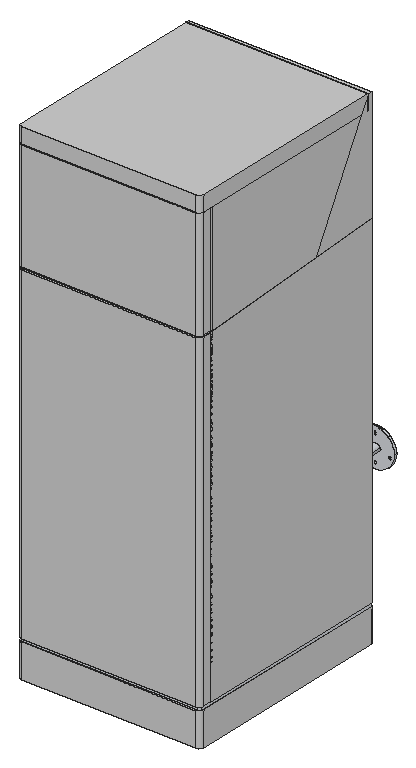
Revit family "Immergas-Ares pro 150", category Attrezzatura meccanica, Revit 2018
Family settings
  Quota connettore circolare = Usa diametro
  Tipo di parte = Normale
  Basato su piano di lavoro = No
  Sempre verticale = Sì
  Taglio con vuoti quando caricato = No
  Condiviso = No
  Punto di calcolo locali = No
Parameters (values of type "Immergas-Ares pro 150")
  yield hvac heating load nominal 30 (%) = 92.92
  yield hvac heating load nominal (%) = 97.4
  cerniere = Immergas - Plastica Nero
  Uniformat code = "D3020"
  Uniformat II Description = "Heat Generating Systems"
  Uniformat = "Heat Generating Systems"
  UDP_88_494_GAS_CONNECTION_DIAMETER = "1"
  UDP_334_495_PORTATA_TERMICA = "140"
  Thermal power 80/60°C = 136360 W
  Produttore = "Immergas"
  Product Code = "3.028309"
  Piping volume boiler = 0.153 m³
  Overall Width = 666 mm
  Overall Height = 1908 mm
  Overall Depth = 933 mm
  Operating Temperature = 90 °C
  Omniclass Description = "HVAC Specific Products and Equipment"
  Nominal Voltage = 230 V
  Nominal Current = 6 A
  Name BIM&CO = "Caldaia"
  Modello = "Immergas-Ares pro 150"
  Masterformat 2014 Description = "Heating, Ventilating, and Air Conditioning (HVAC)"
  MasterFormat = "23 00 00- Heating, Ventilating, and Air Conditioning (HVAC)"
  Mass = 407.00 kg
  Manufacturer Product Link = "https://www.immergas.com/en/product?title=ARES%20PRO%20150"
  Hydraulic Fittings = 1651 mm
  Hot water flow = 0.0 L/s
  Frequency of use = 50 Hz
  Electric Power = 190 W
  ETIM Note = "Residential heating"
  Dimensions of Piping Connectors = 25.4 mm
  Diameter of fume exhaust = 200 mm
  Case = Immergas - Alluminio
Reference planes
  plane 1 "Centro (Fronte/Retro)": y = 0
  plane 2: z = 0
  plane 3 "Centro (Sinistra/Destra)": x = 0
Forms (mm)
  Extrusion 1, solid, material "Immergas - Alluminio" <- "Case"
    sketch origin (-14.211, 126.664, 0) x (-1, 0, 0) y (0, -1, 0)
      loop
        arc (-332.211, 514.91) -> (-342.817, 510.516) -> (-347.211, 499.91) r 15
        line (-347.211, 499.91) -> (-347.211, -269.599)
        arc (-347.211, -269.599) -> (-346.188, -272.068) -> (-343.72, -273.09) r 3.491
        line (-343.72, -273.09) -> (-335.211, -273.09) -> (-335.211, 66.664) -> (306.789, 66.664) -> (306.789, -273.09) -> (315.298, -273.09)
        arc (315.298, -273.09) -> (317.767, -272.068) -> (318.789, -269.599) r 3.491
        line (318.789, -269.599) -> (318.789, 466.702) -> (317.013, 466.702) -> (317.013, 470.647) -> (318.789, 470.647) -> (318.789, 499.91)
        arc (318.789, 499.91) -> (314.396, 510.516) -> (303.789, 514.91) r 15
        line (303.789, 514.91) -> (-332.211, 514.91)
    from 0 to 122
  Extrusion 2, solid
    sketch origin (-14.211, 126.664, 0) x (-1, 0, 0) y (0, -1, 0)
      loop
        arc (313.789, 499.91) -> (310.86, 506.981) -> (303.789, 509.91) r 10
        line (303.789, 509.91) -> (-332.211, 509.91)
        arc (-332.211, 509.91) -> (-339.282, 506.981) -> (-342.211, 499.91) r 10
        line (-342.211, 499.91) -> (-342.211, -268.09) -> (-335.211, -268.09) -> (-335.211, 66.664) -> (306.789, 66.664) -> (306.789, -268.09) -> (313.789, -268.09) -> (313.789, 499.91)
    from 122 to 134.922
  Extrusion 3, solid, material "Immergas - Alluminio" <- "Case"
    sketch origin (-14.211, 126.664, 0) x (-1, 0, 0) y (0, -1, 0)
      loop
        arc (-332.211, 514.91) -> (-342.817, 510.516) -> (-347.211, 499.91) r 15
        line (-347.211, 499.91) -> (-347.211, 470.647) -> (-342.211, 470.647) -> (-342.211, 466.702) -> (-347.211, 466.702) -> (-347.211, 461.702) -> (318.789, 461.702) -> (318.789, 466.702) -> (317.013, 466.702) -> (317.013, 470.647) -> (318.789, 470.647) -> (318.789, 499.91)
        arc (318.789, 499.91) -> (314.396, 510.516) -> (303.789, 514.91) r 15
        line (303.789, 514.91) -> (-332.211, 514.91)
    from 134.922 to 1342.674
  Extrusion 4, solid
    sketch origin (-14.211, 126.664, 0) x (-1, 0, 0) y (0, -1, 0)
      loop
        arc (313.789, 499.91) -> (310.86, 506.981) -> (303.789, 509.91) r 10
        line (303.789, 509.91) -> (-332.211, 509.91)
        arc (-332.211, 509.91) -> (-339.282, 506.981) -> (-342.211, 499.91) r 10
        line (-342.211, 499.91) -> (-342.211, 461.702) -> (313.789, 461.702) -> (313.789, 499.91)
    from 1342.674 to 1350.063
  Extrusion 5, solid, material "Immergas - Alluminio" <- "Case"
    sketch origin (-14.211, 126.664, 0) x (-1, 0, 0) y (0, -1, 0)
      loop
        arc (-332.211, 514.91) -> (-342.817, 510.516) -> (-347.211, 499.91) r 15
        line (-347.211, 499.91) -> (-347.211, 470.647) -> (-342.211, 470.647) -> (-342.211, 466.702) -> (-347.211, 466.702) -> (-347.211, 461.702) -> (318.789, 461.702) -> (318.789, 466.702) -> (317.013, 466.702) -> (317.013, 470.647) -> (318.789, 470.647) -> (318.789, 499.91)
        arc (318.789, 499.91) -> (314.396, 510.516) -> (303.789, 514.91) r 15
        line (303.789, 514.91) -> (-332.211, 514.91)
    from 1350.063 to 1752.311
  Extrusion 6, solid, material "Immergas - Alluminio" <- "Case"
    sketch origin (-14.211, 126.664, 0) x (-1, 0, 0) y (0, -1, 0)
      loop
        arc (-332.211, 514.91) -> (-342.817, 510.516) -> (-347.211, 499.91) r 15
        line (-347.211, 499.91) -> (-347.211, -251.106)
        arc (-347.211, -251.106) -> (-346.188, -253.575) -> (-343.72, -254.597) r 3.491
        line (-343.72, -254.597) -> (315.298, -254.597)
        arc (315.298, -254.597) -> (317.767, -253.575) -> (318.789, -251.106) r 3.491
        line (318.789, -251.106) -> (318.789, 466.702) -> (318.789, 499.91)
        arc (318.789, 499.91) -> (314.396, 510.516) -> (303.789, 514.91) r 15
        line (303.789, 514.91) -> (-332.211, 514.91)
    from 1754.009 to 1809.009
  Extrusion 7, solid
    sketch origin (-14.211, 126.664, 0) x (-1, 0, 0) y (0, -1, 0)
      loop
        arc (313.789, 499.91) -> (310.86, 506.981) -> (303.789, 509.91) r 10
        line (303.789, 509.91) -> (-332.211, 509.91)
        arc (-332.211, 509.91) -> (-339.282, 506.981) -> (-342.211, 499.91) r 10
        line (-342.211, 499.91) -> (-342.211, -254.597) -> (313.789, -254.597) -> (313.789, 499.91)
    from 1752.311 to 1754.009
  Extrusion 8, solid, material "Immergas - Alluminio" <- "Case"
    sketch origin (0, 0, 0) x (0, 1, 0) y (0, 0, 1)
      loop
        line (-340.038, 1342.674) -> (-340.038, 134.922) -> (394.754, 134.922) -> (394.754, 1394.056) -> (-340.038, 1342.674)
    from -333 to 333
  Extrusion 9, solid
    sketch origin (0, 0, 0) x (0, 1, 0) y (0, 0, 1)
      loop
        line (394.545, 1394.041) -> (394.545, 1397.048) -> (-335.038, 1346.031) -> (-335.038, 1343.024) -> (394.545, 1394.041)
    from -328 to 328
  Extrusion 10, solid, material "Immergas - Alluminio" <- "Case"
    sketch origin (0, 0, 0) x (0, 1, 0) y (0, 0, 1)
      loop
        line (381.262, 1809.009) -> (143.164, 1379.47) -> (394.545, 1397.048) -> (394.545, 1809.009) -> (381.262, 1809.009)
    from -334.497 to 334.414
  Extrusion 11, solid, material "Immergas - Alluminio" <- "Case"
    sketch origin (0, 0, 0) x (0, 1, 0) y (0, 0, 1)
      loop
        line (-335.038, 1754.009) -> (-335.038, 1346.031) -> (143.164, 1379.47) -> (350.775, 1754.009) -> (-335.038, 1754.009)
    from -333 to 333
  Extrusion 12, void
    sketch origin (0, 394.754, 134.922) x (0, 0, -1) y (1, 0, 0)
      loop
        line (-307.078, 321) -> (-307.078, -317.276) -> (12.922, -317.276) -> (12.922, 321) -> (-307.078, 321)
    from 0 to 334.754
  Sweep 13, solid
    path origin (-5.008, 0, 3.012) x (1, 0, 0) y (0, 0, 1)
      loop
        circle (-265.104, 1733.679) r 50
    profile origin (-270.112, 0, 1686.691) x (0, 0, 1) y (0, -1, 0)
      loop
        circle (0, -397.328) r 1.307
      loop
        circle (5.49, -397.386) r 1.186
      loop
        circle (11.104, -397.386) r 1.186
      loop
        circle (16.717, -397.386) r 1.186
      loop
        circle (22.33, -397.386) r 1.186
      loop
        circle (27.943, -397.386) r 1.186
      loop
        circle (33.557, -397.386) r 1.186
  Extrusion 14, solid
    sketch origin (0, 0, 0) x (1, 0, 0) y (0, 0, 1)
      loop
        line (-224.957, 1771.797) -> (-271.402, 1742.954) -> (-317.848, 1771.797) -> (-280.319, 1735.371) -> (-313.789, 1702.88) -> (-271.402, 1728.443) -> (-229.016, 1702.88) -> (-262.486, 1735.371) -> (-224.957, 1771.797)
    from -400.397 to -397.917
  Extrusion 15, solid
    sketch origin (0, 0, 0) x (1, 0, 0) y (0, 0, 1)
      loop
        circle (-228.5, 1316.5) r 70
      loop
        circle (-228.5, 1316.5) r 15
      loop
        circle (-226.625, 1364.366) r 5
      loop
        circle (-173.943, 1318.555) r 5
      loop
        circle (-278.735, 1316.837) r 5
      loop
        circle (-227.771, 1268.736) r 5
    from -550.484 to -539.962
  Extrusion 16, solid
    sketch origin (457, 0, -772.674) x (1, 0, 0) y (0, 0, 1)
      loop
        circle (-228.5, 1316.5) r 70
      loop
        circle (-228.5, 1316.5) r 15
      loop
        circle (-226.625, 1364.366) r 5
      loop
        circle (-173.943, 1301.286) r 5
      loop
        circle (-278.735, 1316.837) r 5
      loop
        circle (-227.771, 1268.736) r 5
    from -550.484 to -542.831
  Extrusion 17, solid
    sketch origin (0, 0, 0) x (1, 0, 0) y (0, 0, 1)
      loop
        line (241, 442) -> (-241, 442)
        arc (-241, 442) -> (-170.413, 271.587) -> (0, 201) r 241
        arc (0, 201) -> (170.413, 271.587) -> (241, 442) r 241
    from -295.295 to -60
  Extrusion 18, solid
    sketch origin (0, 0, 0) x (1, 0, 0) y (0, 0, 1)
      loop
        circle (228.5, 543.826) r 15
      loop
        circle (-228.5, 1316.5) r 15
    from -550.484 to -394.545
  Extrusion 19, solid
    sketch origin (0, 18.026, -17.655) x (1, 0, 0) y (0, -0.052336, 0.99863)
      loop
        circle (1.317, 333.864) r 100
      loop
        circle (1.317, 333.864) r 97
    from -542.831 to -263.972
  Extrusion 20, solid, material "Immergas - Plastica Nero" <- "cerniere"
    sketch origin (0, 0, 0) x (0, 1, 0) y (0, 0, 1)
      loop
        line (-351.031, 1313.293) -> (-351.031, 1253.293) -> (-326.031, 1253.293) -> (-326.031, 1313.293) -> (-351.031, 1313.293)
      loop
        line (-350.038, 212.633) -> (-350.038, 152.633) -> (-326.031, 152.633) -> (-326.031, 212.633) -> (-350.038, 212.633)
    from -342.387 to -333
Cuts and joins
  Extrusion 12 cuts Extrusion 8
Dimensions and locks
  locked: Extrusion 2 to Extrusion 1 at 12.922
  locked: Extrusion 4 to Extrusion 3 at 7.389
  locked: Extrusion 7 to Extrusion 5 at 1.697
  Extrusion 6 to Extrusion 1 = 1809.009 mm
  level to nested 1 = 1467 mm
  plane 3 "Centro (Sinistra/Destra)" to nested 1 = 120 mm
  Extrusion 1 to nested 2 = 1579 mm
  nested 2 to plane 3 "Centro (Sinistra/Destra)" = 81 mm
  Extrusion 10 to Extrusion 7 = 777.791 mm
  aligned and locked: level to plane 2
  aligned and locked: Extrusion 3 to Extrusion 2
  aligned and locked: Extrusion 4 to Extrusion 3
  aligned and locked: Extrusion 5 to Extrusion 4
  aligned and locked: Extrusion 7 to Extrusion 5
  aligned and locked: Extrusion 6 to Extrusion 7
  aligned and locked: Extrusion 8 to Extrusion 3  (x2)
  aligned and locked: Extrusion 18 to Extrusion 15
Nested families
  nested 1: "M_Connettore tubazione - Altro - Apparecchi idraulici" at (120, 394.545, 1467) x (0, 0, 1) z (0, 1, 0), type "Standard"
    with Spessore 25.4 mm, Raggio nominale 15 mm, Flusso 0.63 L/s, Diametro nominale 30 mm
  nested 2: "M_Connettore tubazione - Altro - Apparecchi idraulici" at (-81, 394.545, 1579) x (0, 0, 1) z (0, 1, 0), type "Standard"
    with Spessore 25.4 mm, Raggio nominale 15 mm, Flusso 0.63 L/s, Diametro nominale 30 mm
Connectors
  piping at (-81, 419.945, 1579), diameter 12
    settings: on nested 2, index 1, connector inside diameter 609.6 mm, connector length 0 mm, flow factor 0, pipe flow 0.0 L/s, pressure drop 0.0 Pa, fitting loss kfactor 0, connector angle 0.00°, fixture units 0, engagement length 0 mm, angle of deflection 0.00°, flow configuration 0, flow direction 0, fitting loss method 0, system type 22, joint type 0, gender type 0, connector reference index -1, connector utility 0, adjustable connector no, is connector primary yes, connector description "entrata gas"
  piping at (120, 419.945, 1467), diameter 12
    settings: on nested 1, index 2, connector inside diameter 609.6 mm, connector length 0 mm, flow factor 0, pipe flow 0.0 L/s, pressure drop 0.0 Pa, fitting loss kfactor 0, connector angle 0.00°, fixture units 0, engagement length 0 mm, angle of deflection 0.00°, flow configuration 0, flow direction 0, fitting loss method 0, system type 22, joint type 0, gender type 0, connector reference index -1, connector utility 0, adjustable connector no, is connector primary no, connector description "attacco vaso di espansione"
  piping at (228.5, 542.831, 543.826), diameter 12
    settings: on Extrusion 16, index 3, connector inside diameter 609.6 mm, connector length 0 mm, flow factor 0, pipe flow 0.0 L/s, pressure drop 0.0 Pa, fitting loss kfactor 0, connector angle 0.00°, fixture units 0, engagement length 0 mm, angle of deflection 0.00°, flow configuration 0, flow direction 0, fitting loss method 0, system type 8, joint type 0, gender type 0, connector reference index -1, connector utility 0, adjustable connector no, is connector primary no, connector description ""
  piping at (-228.5, 539.962, 1316.5), diameter 12
    settings: on Extrusion 15, index 4, connector inside diameter 609.6 mm, connector length 0 mm, flow factor 0, pipe flow 0.0 L/s, pressure drop 0.0 Pa, fitting loss kfactor 0, connector angle 0.00°, fixture units 0, engagement length 0 mm, angle of deflection 0.00°, flow configuration 0, flow direction 0, fitting loss method 0, system type 7, joint type 0, gender type 0, connector reference index -1, connector utility 0, adjustable connector no, is connector primary no, connector description ""
  piping at (-271.402, 400.397, 1736.436), diameter 10
    settings: on Extrusion 14, index 5, connector inside diameter 609.6 mm, connector length 0 mm, flow factor 0, pipe flow 0.0 L/s, pressure drop 0.0 Pa, fitting loss kfactor 0, connector angle 0.00°, fixture units 0, engagement length 0 mm, angle of deflection 0.00°, flow configuration 0, flow direction 0, fitting loss method 0, system type 17, joint type 0, gender type 0, connector reference index -1, connector utility 0, adjustable connector no, is connector primary no, connector description "entrata aria"
  piping at (1.317, 542.64, 344.161), diameter 10
    settings: on Extrusion 19, index 6, connector inside diameter 609.6 mm, connector length 0 mm, flow factor 0, pipe flow 0.0 L/s, pressure drop 0.0 Pa, fitting loss kfactor 0, connector angle 0.00°, fixture units 0, engagement length 0 mm, angle of deflection 0.00°, flow configuration 0, flow direction 0, fitting loss method 0, system type 22, joint type 0, gender type 0, connector reference index -1, connector utility 0, adjustable connector no, is connector primary no, connector description "scarico fumi"
  electrical at (-83.028, -23.717, 0)
    settings: on Extrusion 1, index 7, voltage 0 V, apparent load 0 VA, apparent load phase1 0 VA, apparent load phase2 0 VA, apparent load phase3 0 VA, power factor 1, load classification "Altro", number of poles 1, system type 14, power factor state 1, is connector primary yes, connector utility no, sub classification motor no, connector description ""
Definition of nested family "M_Connettore tubazione - Altro - Apparecchi idraulici"
  Parameters (values of type "Standard")
    WFU = 0
    Raggio nominale [instance] = 15 mm
    Diametro nominale [instance] = Raggio nominale * 2  # 30 mm
    Spessore [instance] = 25.4 mm
    HWFU = 0
    Flusso [instance] = 0.63 L/s
    Default Elevation = 0 mm
    CWFU = 0
  Reference planes
    plane 1 "Centro (Fronte/Retro)": y = 0
    plane 2: z = 0
    plane 3 "Centro (Sinistra/Destra)": x = 0
    plane 4: z = 25.4
  Forms (mm)
    Extrusion 1, solid
      sketch origin (0, 0, 0) x (1, 0, 0) y (0, 1, 0)
        loop
          line (-1219.2, 1219.2) -> (-1219.2, -1219.2) -> (1219.2, -1219.2) -> (1219.2, 1219.2) -> (-1219.2, 1219.2)
      from 0 to -304.8
    Extrusion 2, solid
      sketch origin (0, 0, 0) x (1, 0, 0) y (0, 1, 0)
        loop
          circle (0, 0) r 15
      from 0 to 25.4
  Dimensions and locks
    "Spessore": plane 4 to plane 2
    "Raggio nominale": radius of Extrusion 2 sketch curve
    aligned and locked: plane 2 to Extrusion 1
    aligned and locked: level to Extrusion 1
    aligned and locked: plane 1 "Centro (Fronte/Retro)" to Extrusion 2 sketch curve
    aligned and locked: plane 4 to Extrusion 2
  Automatic sketch dimensions
    Extrusion 1 sketch curve to Extrusion 1 sketch curve = 2438.4 mm  (x2)
    Extrusion 2 sketch curve to plane 3 "Centro (Sinistra/Destra)" = 0 mm
  Connectors
    piping at (0, 0, 25.4), diameter 30, driven by "Raggio nominale", driven by "WFU", driven by "Flusso"
      settings: on Extrusion 2, index 1, connector inside diameter 30 mm, connector length 0 mm, flow factor 0, pipe flow 0.63 L/s, pressure drop 0.0 Pa, fitting loss kfactor 0, connector angle 0.00°, fixture units 0, engagement length 0 mm, angle of deflection 0.00°, flow configuration 1, flow direction 1, fitting loss method 0, system type 22, joint type 0, gender type 0, connector reference index -1, connector utility 0, adjustable connector no, is connector primary yes, connector description ""
